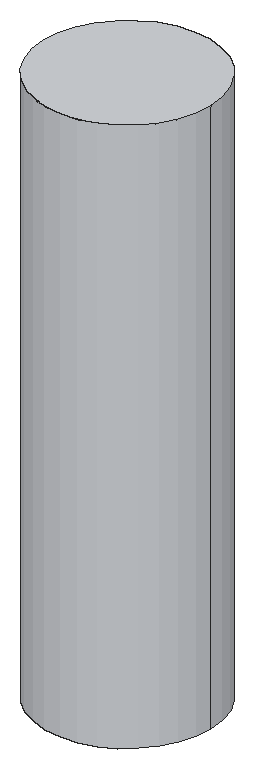
Revit family "地质钻孔圆柱", category 常规模型, Revit 2016
Family settings
  零件类型 = 标准
  可将钢筋附着到主体 = 否
  圆形连接件大小 = 使用直径
  基于工作平面 = 否
  总是垂直 = 是
  加载时剪切的空心 = 否
  共享 = 否
  房间计算点 = 否
Parameters
  深度 [instance] = 1000 mm
  材质 [instance] = none
  孔号 [instance] = ""
  半径 = 150 mm
Reference planes
  plane 1 "中心(前/后)": y = 0
  plane 2: z = 0
  plane 3 "中心(左/右)": x = 0
  plane 4: z = 1000
Forms (mm)
  Extrusion 1, solid, material <- "材质"
    sketch origin (0, 0, 0) x (1, 0, 0) y (0, 1, 0)
      loop
        circle (0, 0) r 150
    from 0 to 1000
Dimensions and locks
  "深度": plane 4 to level
  "半径": radius of Extrusion 1 sketch curve
  aligned and locked: level to plane 2
  aligned and locked: level to Extrusion 1
  aligned and locked: Extrusion 1 to plane 4
Automatic sketch dimensions
  plane 1 "中心(前/后)" to Extrusion 1 sketch curve = 0 mm
  Extrusion 1 sketch curve to plane 3 "中心(左/右)" = 0 mm
